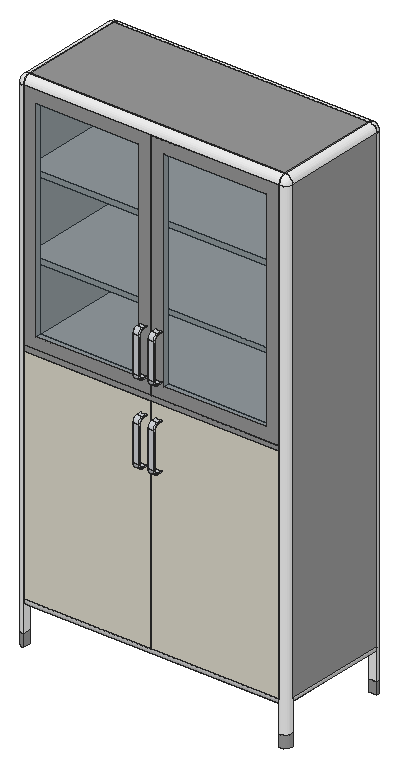
Revit family "Шкаф медицинский четырёхдверный полузакрытый ДМ-2-001-13", category Оборудование, Revit 2017
Family settings
  Размер круглого соединителя = Использовать диаметр
  Тип детали = Нормальный
  На основе рабочей плоскости = Нет
  Всегда вертикально = Да
  При загрузке вырезать с полостями = Нет
  Общий = Нет
  Точка расчета площади = Нет
Parameters (values of type "Полипропилен")
  Фасад = Столешница медицинской мебели ДСП с пластиковым покрытием
  Стекло = Стекло
  Ручки = Алюминий 7075
  Панели = Пластмасса, непрозрачная, белая
  Общ_Ширина = 900.0 mm
  Общ_Тип, марка = "ДМ-1-001-13"
  Общ_Примечание КР [instance] = ""
  Общ_Примечание АР [instance] = ""
  Общ_Примечание = ""
  Общ_Поставщик = "Доктор Мебель"
  Общ_Позиция = ""
  Общ_Наименование = "Шкаф медицинский четырёхдверный полузакрытый из полипропилена"
  Общ_Масса = ""
  Общ_Код продукции = ""
  Общ_Единицы измерения = "шт."
  Общ_Глубина = 400.0 mm
  Общ_Высота = 1700.0 mm
  Ножки = Пластмасса, непрозрачная, черная
  Keynote = ""
  Каркас = Алюминий 7075
  Длина ручек = 150.0 mm
  Model = ""
Types (2, lengths in mm): name | Общ_Тип, марка | Общ_Наименование
  ЛДСП | "ДМ-2-001-13" | "Шкаф медицинский четырёхдверный полузакрытый из ЛДСП"
  Полипропилен | "ДМ-1-001-13" | "Шкаф медицинский четырёхдверный полузакрытый из полипропилена"
Reference planes
  plane 1 "По центру (Вперед/Назад)": y = 0
  plane 2: z = 0
  plane 3 "По центру (Влево/Вправо)": x = 0
  plane 4: x = 450
  plane 5: x = -450
  plane 6: y = 200
  plane 7: y = -200
  plane 8: y = 175
  plane 9: y = -175
Forms (mm)
  Extrusion 1, solid, material "Пластмасса, непрозрачная, черная" <- "Ножки", detail levels fine
    sketch origin (0, 0, 0) x (1, 0, 0) y (0, 1, 0)
      loop
        line (425, -175) -> (425, -200)
        arc (425, -200) -> (442.678, -192.678) -> (450, -175) r 25
        line (450, -175) -> (425, -175)
      loop
        line (425, 175) -> (450, 175)
        arc (450, 175) -> (442.678, 192.678) -> (425, 200) r 25
        line (425, 200) -> (425, 175)
      loop
        line (-425, -175) -> (-450, -175)
        arc (-450, -175) -> (-442.678, -192.678) -> (-425, -200) r 25
        line (-425, -200) -> (-425, -175)
      loop
        line (-425, 175) -> (-425, 200)
        arc (-425, 200) -> (-442.678, 192.678) -> (-450, 175) r 25
        line (-450, 175) -> (-425, 175)
    from 0 to 40
  Extrusion 2, solid, material "Алюминий 7075" <- "Каркас", detail levels fine
    sketch origin (0, 0, 0) x (1, 0, 0) y (0, 1, 0)
      loop
        arc (-425, 200) -> (-442.678, 192.678) -> (-450, 175) r 25
        line (-450, 175) -> (-425, 175) -> (-425, 200)
      loop
        line (425, 200) -> (425, 175) -> (450, 175)
        arc (450, 175) -> (442.678, 192.678) -> (425, 200) r 25
      loop
        line (450, -175) -> (425, -175) -> (425, -200)
        arc (425, -200) -> (442.678, -192.678) -> (450, -175) r 25
      loop
        line (-425, -200) -> (-425, -175) -> (-450, -175)
        arc (-450, -175) -> (-442.678, -192.678) -> (-425, -200) r 25
    from 1675 to 40
  Extrusion 3, solid, material "Пластмасса, непрозрачная, белая" <- "Панели", detail levels fine
    sketch origin (0, 0, 0) x (1, 0, 0) y (0, 1, 0)
      loop
        line (-425, 175) -> (-425, -175) -> (425, -175) -> (425, 175) -> (-425, 175)
    from 1675 to 1700
  Extrusion 4, solid, material "Пластмасса, непрозрачная, белая" <- "Панели", detail levels fine
    sketch origin (0, 0, 0) x (1, 0, 0) y (0, 1, 0)
      loop
        line (-425, 200) -> (-425, 184) -> (425, 184) -> (425, 200) -> (-425, 200)
      loop
        line (-450, 175) -> (-450, -175) -> (-434, -175) -> (-434, 175) -> (-450, 175)
      loop
        line (450, 175) -> (434, 175) -> (434, -175) -> (450, -175) -> (450, 175)
    from 1675 to 145
  Extrusion 5, solid, material "Столешница медицинской мебели ДСП с пластиковым покрытием" <- "Фасад", detail levels fine
    sketch origin (0, 0, 0) x (1, 0, 0) y (0, 1, 0)
      loop
        line (425, -184) -> (1, -184) -> (1, -200) -> (425, -200) -> (425, -184)
      loop
        line (-425, -184) -> (-425, -200) -> (-1, -200) -> (-1, -184) -> (-425, -184)
    from 145 to 884
  Revolve 6, solid, material "Алюминий 7075" <- "Каркас", detail levels fine
    sketch origin (0, 175, 1200) x (-1, 0, 0) y (0, 0, 1)
      loop
        arc (-425, 500) -> (-442.678, 492.678) -> (-450, 475) r 25
        line (-450, 475) -> (-425, 475) -> (-425, 500)
      axis (-425, 500) -> (-425, 475)
    angle from 0 to -90
  Revolve 7, solid, material "Алюминий 7075" <- "Каркас", detail levels fine
    sketch origin (0, 175, 1200) x (-1, 0, 0) y (0, 0, 1)
      loop
        line (425, 500) -> (425, 475) -> (450, 475)
        arc (450, 475) -> (442.678, 492.678) -> (425, 500) r 25
      axis (425, 500) -> (425, 475)
    angle from 0 to -90
  Revolve 8, solid, material "Алюминий 7075" <- "Каркас", detail levels fine
    sketch origin (0, -175, 1200) x (-1, 0, 0) y (0, 0, -1)
      loop
        line (-425, -500) -> (-425, -475) -> (-450, -475)
        arc (-450, -475) -> (-442.678, -492.678) -> (-425, -500) r 25
      axis (-425, -500) -> (-425, -475)
    angle from 0 to -90
  Revolve 9, solid, material "Алюминий 7075" <- "Каркас", detail levels fine
    sketch origin (0, -175, 1200) x (-1, 0, 0) y (0, 0, -1)
      loop
        arc (425, -500) -> (442.678, -492.678) -> (450, -475) r 25
        line (450, -475) -> (425, -475) -> (425, -500)
      axis (425, -500) -> (425, -475)
    angle from 0 to -90
  Extrusion 10, solid, material "Алюминий 7075" <- "Каркас", detail levels fine
    sketch origin (-450, 760, 1200) x (0, 1, 0) y (0, 0, 1)
      loop
        arc (-560, 475) -> (-567.322, 492.678) -> (-585, 500) r 25
        line (-585, 500) -> (-585, 475) -> (-560, 475)
      loop
        line (-960, 475) -> (-935, 475) -> (-935, 500)
        arc (-935, 500) -> (-952.678, 492.678) -> (-960, 475) r 25
    from 25 to 875
  Extrusion 11, solid, material "Алюминий 7075" <- "Каркас", detail levels fine
    sketch origin (-590, -200, 1200) x (-1, 0, 0) y (0, 0, 1)
      loop
        arc (-140, 475) -> (-147.322, 492.678) -> (-165, 500) r 25
        line (-165, 500) -> (-165, 475) -> (-140, 475)
      loop
        line (-1040, 475) -> (-1015, 475) -> (-1015, 500)
        arc (-1015, 500) -> (-1032.678, 492.678) -> (-1040, 475) r 25
    from 25 to 375
  Extrusion 12, solid, material "Пластмасса, непрозрачная, белая" <- "Панели", detail levels fine
    sketch origin (0, 0, 0) x (1, 0, 0) y (0, 1, 0)
      loop
        line (-425, 184) -> (-425, 175) -> (-434, 175) -> (-434, -175) -> (-425, -175) -> (-425, -184) -> (425, -184) -> (425, -175) -> (434, -175) -> (434, 175) -> (425, 175) -> (425, 184) -> (-425, 184)
    from 120 to 136
  Extrusion 13, solid, material "Пластмасса, непрозрачная, белая" <- "Панели", detail levels fine
    sketch origin (0, -175, 1200) x (-1, 0, 0) y (0, 0, -1)
      loop
        line (434, 640) -> (434, 656) -> (-434, 656) -> (-434, 640) -> (434, 640)
      loop
        line (434, 40) -> (434, 56) -> (-434, 56) -> (-434, 40) -> (434, 40)
      loop
        line (434, -220) -> (434, -204) -> (-434, -204) -> (-434, -220) -> (434, -220)
    from 0 to -350
  Extrusion 14, solid, material "Алюминий 7075" <- "Каркас", detail levels fine
    sketch origin (-450, 760, 620) x (0, 1, 0) y (0, 0, 1)
      loop
        line (-560, -475) -> (-585, -475) -> (-585, -500)
        arc (-585, -500) -> (-567.322, -492.678) -> (-560, -475) r 25
      loop
        arc (-960, -475) -> (-952.678, -492.678) -> (-935, -500) r 25
        line (-935, -500) -> (-935, -475) -> (-960, -475)
    from 25 to 875
  Extrusion 15, solid, material "Алюминий 7075" <- "Каркас", detail levels fine
    sketch origin (-590, -200, 620) x (-1, 0, 0) y (0, 0, 1)
      loop
        line (-140, -475) -> (-165, -475) -> (-165, -500)
        arc (-165, -500) -> (-147.322, -492.678) -> (-140, -475) r 25
      loop
        arc (-1040, -475) -> (-1032.678, -492.678) -> (-1015, -500) r 25
        line (-1015, -500) -> (-1015, -475) -> (-1040, -475)
    from 25 to 375
  Extrusion 16, solid, material "Пластмасса, непрозрачная, белая" <- "Панели", detail levels fine
    sketch origin (-590, -200, 1200) x (-1, 0, 0) y (0, 0, 1)
      loop
        line (-1015, -300) -> (-1015, -316) -> (-165, -316) -> (-165, -300) -> (-1015, -300)
    from 0 to 384
  Extrusion 17, solid, material "Пластмасса, непрозрачная, белая" <- "Панели", detail levels fine
    sketch origin (-590, -200, 1200) x (-1, 0, 0) y (0, 0, 1)
      loop
        line (-165, 475) -> (-589, 475) -> (-589, -300) -> (-165, -300) -> (-165, 475)
      loop
        line (-591, -300) -> (-591, 475) -> (-1015, 475) -> (-1015, -300) -> (-591, -300)
      loop
        line (-631, 435) -> (-975, 435) -> (-975, -260) -> (-631, -260) -> (-631, 435)
      loop
        line (-205, -260) -> (-205, 435) -> (-549, 435) -> (-549, -260) -> (-205, -260)
    from 0 to 16
  Extrusion 18, solid, material "Стекло" <- "Стекло", detail levels fine
    sketch origin (-590, -200, 1200) x (-1, 0, 0) y (0, 0, 1)
      loop
        line (-205, 435) -> (-549, 435) -> (-549, -260) -> (-205, -260) -> (-205, 435)
      loop
        line (-631, 435) -> (-975, 435) -> (-975, -260) -> (-631, -260) -> (-631, 435)
    from 0 to 16
Lines and regions (mm)
  symbolic lines, detail levels coarse+medium
    curve 1: line (-450, 200, 0) -> (450, 200, 0)
    curve 2: line (-450, -200, 0) -> (-450, 200, 0)
    curve 3: line (450, -200, 0) -> (-450, -200, 0)
    curve 4: line (450, 200, 0) -> (450, -200, 0)
    curve 5: line (-450, -200, 0) -> (0, 200, 0)
    curve 6: line (0, 200, 0) -> (450, -200, 0)
Dimensions and locks
  aligned and locked: level to plane 2
Nested families
  nested 1: "Ручка дверная для корпусной мебели травмобезопасная" at (25, -200, 760), Материал <- "Ручки", Длина <- "Длина ручек", type "Вертикальная", detail levels fine
    with Материал Алюминий 7075, Длина 150.0 mm
  nested 2: "Ручка дверная для корпусной мебели травмобезопасная" at (-25, -200, 760) x (-1, 0, 0) z (0, 0, 1), Материал <- "Ручки", Длина <- "Длина ручек", type "Вертикальная", detail levels fine
    with Материал Алюминий 7075, Длина 150.0 mm
  nested 3: "Ручка дверная для корпусной мебели травмобезопасная" at (25, -200, 1025), Материал <- "Ручки", Длина <- "Длина ручек", type "Вертикальная", detail levels fine
    with Материал Алюминий 7075, Длина 150.0 mm
  nested 4: "Ручка дверная для корпусной мебели травмобезопасная" at (-25, -200, 1025) x (-1, 0, 0) z (0, 0, 1), Материал <- "Ручки", Длина <- "Длина ручек", type "Вертикальная", detail levels fine
    with Материал Алюминий 7075, Длина 150.0 mm
Definition of nested family "Ручка дверная для корпусной мебели травмобезопасная"
  Parameters (values of type "Вертикальная")
    Материал [instance] = none
    Keynote = ""
    Длина [instance] = 200.0 mm
    Model = ""
    Горизонтальная = no
    Вертикальная = yes
  Types (2, lengths in mm): name | Горизонтальная | Вертикальная
    Вертикальная | no | yes
    Горизонтальная | yes | no
  Reference planes
    plane 1 "По центру (Вперед/Назад)": y = 0
    plane 2: z = 0
    plane 3 "По центру (Влево/Вправо)": x = 0
    plane 4: z = 100
    plane 5: z = -100
    plane 6: x = -100
    plane 7: x = 100
  Forms (mm)
    Sweep 1, solid, visible <- "Вертикальная"
      path origin (-700, -1524, 571.719) x (0, 0, 1) y (0, -1, 0)
        loop
          line (-471.719, -1524) -> (-471.719, -1509)
          arc (-471.719, -1509) -> (-476.113, -1498.393) -> (-486.719, -1494) r 15
          line (-486.719, -1494) -> (-656.719, -1494)
          arc (-656.719, -1494) -> (-667.326, -1498.393) -> (-671.719, -1509) r 15
          line (-671.719, -1509) -> (-671.719, -1524)
      profile origin (-700, -7.5, 100) x (0, 0, -1) y (1, 0, 0)
        loop
          line (2.5, 691.5) -> (2.5, 708.5)
          arc (2.5, 708.5) -> (2.061, 709.561) -> (1, 710) r 1.5
          line (1, 710) -> (-1, 710)
          arc (-1, 710) -> (-2.061, 709.561) -> (-2.5, 708.5) r 1.5
          line (-2.5, 708.5) -> (-2.5, 691.5)
          arc (-2.5, 691.5) -> (-2.061, 690.439) -> (-1, 690) r 1.5
          line (-1, 690) -> (1, 690)
          arc (1, 690) -> (2.061, 690.439) -> (2.5, 691.5) r 1.5
    Sweep 2, solid, visible <- "Горизонтальная"
      path origin (-571.719, -1524, -700) x (-1, 0, 0) y (0, -1, 0)
        loop
          line (-471.719, -1524) -> (-471.719, -1509)
          arc (-471.719, -1509) -> (-476.113, -1498.393) -> (-486.719, -1494) r 15
          line (-486.719, -1494) -> (-656.719, -1494)
          arc (-656.719, -1494) -> (-667.326, -1498.393) -> (-671.719, -1509) r 15
          line (-671.719, -1509) -> (-671.719, -1524)
      profile origin (-100, -7.5, -700) x (1, 0, 0) y (0, 0, 1)
        loop
          line (2.5, 691.5) -> (2.5, 708.5)
          arc (2.5, 708.5) -> (2.061, 709.561) -> (1, 710) r 1.5
          line (1, 710) -> (-1, 710)
          arc (-1, 710) -> (-2.061, 709.561) -> (-2.5, 708.5) r 1.5
          line (-2.5, 708.5) -> (-2.5, 691.5)
          arc (-2.5, 691.5) -> (-2.061, 690.439) -> (-1, 690) r 1.5
          line (-1, 690) -> (1, 690)
          arc (1, 690) -> (2.061, 690.439) -> (2.5, 691.5) r 1.5
  Dimensions and locks
    "Длина": plane 4 to plane 5
    "Длина": plane 7 to plane 6
    equal spacing: plane 7, plane 3 "По центру (Влево/Вправо)", plane 6
    equal spacing: plane 4, level, plane 5
    aligned and locked: level to plane 2
    aligned and locked: plane 4 to Sweep 1 sketch curve
    aligned and locked: Sweep 1 sketch curve to plane 5
    aligned and locked: plane 7 to Sweep 2 sketch curve
    aligned and locked: Sweep 2 sketch curve to plane 6
  Automatic sketch dimensions
    Sweep 1 sketch curve to plane 1 "По центру (Вперед/Назад)" = 0.0 mm  (x2)
    plane 5 to Sweep 1 sketch curve = 15.0 mm
    plane 1 "По центру (Вперед/Назад)" to Sweep 1 sketch curve = 15.0 mm
    Sweep 1 sketch curve to plane 4 = 15.0 mm
    profile plane to Sweep 1 sketch curve = 2.5 mm
    profile plane to Sweep 1 sketch curve = 1.0 mm  (x2)
    Sweep 1 sketch curve to profile plane = 1.0 mm  (x2)
    Sweep 1 sketch curve to Sweep 1 sketch curve = 1.5 mm
    profile plane to Sweep 1 sketch curve = 690.0 mm
    Sweep 1 sketch curve to Sweep 1 sketch curve = 17.0 mm
    profile plane to Sweep 2 sketch curve = 2.5 mm
    profile plane to Sweep 2 sketch curve = 1.0 mm  (x2)
    Sweep 2 sketch curve to profile plane = 1.0 mm  (x2)
    Sweep 2 sketch curve to Sweep 2 sketch curve = 1.5 mm
    profile plane to Sweep 2 sketch curve = 690.0 mm
    Sweep 2 sketch curve to Sweep 2 sketch curve = 17.0 mm
    plane 1 "По центру (Вперед/Назад)" to Sweep 2 sketch curve = 0.0 mm  (x2)
    Sweep 2 sketch curve to plane 7 = 15.0 mm
    plane 1 "По центру (Вперед/Назад)" to Sweep 2 sketch curve = 15.0 mm
    plane 6 to Sweep 2 sketch curve = 15.0 mm
